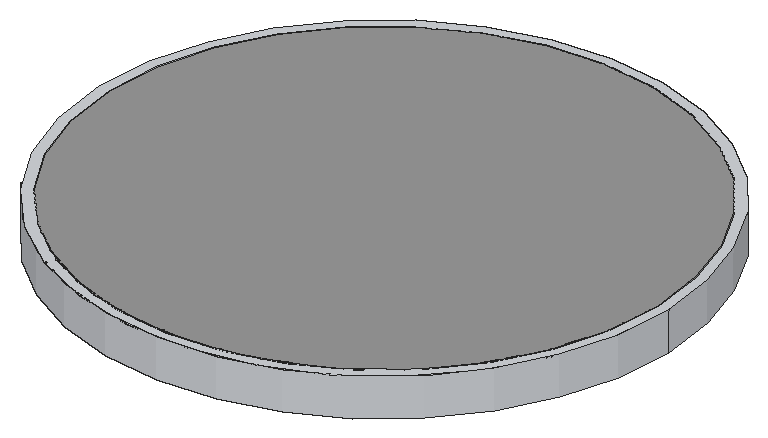
Revit family "2071272", category Lighting Fixtures, host Face, Revit 2018
Family settings
  Host = Face
  Round Connector Dimension = Use Diameter
  Part Type = Normal
  OmniClass Number = 23.80.70.00
  OmniClass Title = Lighting
  Cut with Voids When Loaded = No
  Light Source = Yes
  Shared = No
  Room Calculation Point = No
Parameters (values of type "2071272 COLOSSAL 900 840 PR DIR+H WHT SSC")
  iner diameter = 856 mm
  Weight = "n/a"
  Wattage Comments = ""
  Wattage = 30 W
  WarrantyStartDate [instance] = "n/a"
  WarrantyGuarantorParts = "n/a"
  WarrantyDurationUnit = "n/a"
  WarrantyDurationParts = ""
  WarrantyDescription = "http://www.sylvania-lighting.com"
  built-in parameter 1150110 = 1 (stored number, unit not read)
  Voltage = 230 V
  URL = "0.99"
  TypeName = "COLOSSAL 900mm 840 PRISM DIR+HAL WHITE SSC"
  Type Image = <None>
  Type Comments = "n/a"
  built-in parameter 1114217 = 1 (stored number, unit not read)
  Tilt Angle = -90.00°
  built-in parameter 1150109 = 1 (stored number, unit not read)
  built-in parameter 1150134 = (empty or 0)
  built-in parameter 1150113 = 1 (stored number, unit not read)
  SerialNumber [instance] = "n/a"
  Photometric Web File = "2071272.ies"
  Material_3_SYL = LED-Sylvania
  PowerFactor = 0
  PowerConsumption = "Lighting"
  NominalLength = 888 mm
  NominalHeight = 93 mm
  NominalDepth = 888 mm
  Name = "COLOSSAL 900mm 840 PRISM DIR+HAL WHITE SSC"
  ModelReference = Name  # "COLOSSAL 900mm 840 PRISM DIR+HAL WHITE SSC"
  ModelNumber = "2071272"
  Model = Name  # "COLOSSAL 900mm 840 PRISM DIR+HAL WHITE SSC"
  Material = "Feilo Sylvania"
  ManufacturerName = "141 lm/W"
  Manufacturer = ""
  LuminousEfficacy = ""
  built-in parameter 1150105 = 270.44 (stored number, unit not read)
  Lumens = 3398.4 lm
  LuminaireType = "0"
  built-in parameter 1150115 = 1 (stored number, unit not read)
  LightOutputRatio = "LED"
  built-in parameter 1150137 = (empty or 0)
  built-in parameter 1150139 = (empty or 0)
  LampsType = Lamp  # "n/a"
  LampNominalLuminous = "4000 K"
  LampMacAdamStep = "80"
  LampColourTemperature = "LED"
  LampColourRenderingIndex = "16500"
  built-in parameter 1150112 = 1 (stored number, unit not read)
  built-in parameter 1150114 = 1 (stored number, unit not read)
  Lamp = "n/a"
  Keynote = "n/a"
  InstallationDate [instance] = "n/a"
  InputVoltage = "0"
  InputNominalFrequency = "4000"
  built-in parameter 1150132 = (empty or 0)
  built-in parameter 1150102 = (empty or 0)
  built-in parameter 1150107 = 3000 (stored number, unit not read)
  built-in parameter 1150138 = (empty or 0)
  IngressProtection = "IfcLightFixtureType"
  ImpactProtectionIndex = "IfcLightFixtureType"
  built-in parameter 1150106 = 2.7044 (stored number, unit not read)
  IfcExportType = "IfcLightFixtureType"
  IfcExportAs = "Class I"
  Emit from Circle Diameter = 385 mm
  Emit Shape Visible in Rendering = no
  ElectricShockClassification = "141"
  built-in parameter 1150104 = 10.524 (stored number, unit not read)
  DocumentationLiterature = "http://www.sylvania-lighting.com/product/en-int/products/2071272"
  DimmingControlOptions = "n/a"
  Material_2_SYL = Polycarbonate_Sylvania_White
  Dimming Lamp Color Temperature Shift = <None>
  Description = "900mm diameter circular architectural luminaire, can be surface mounted or suspended. Powder coated aluminium housing (RAL9016) with PMMA prismatic diffuser. Direct/indirect (halo) light distribution, 8285lm luminuous flux, 58.7W system power, 141lm/W luminiaire efficacy. Sylsmart Standalone enabled. Colour rendering index Ra >80, 4000K Neutral White LED, chromaticity tolerance of 3-step MacAdam ellipse. IP40/IP20, IK03. 350mA drive current. UGR≤19. Electrical protection Class1, 220-240V. Reported lifetime 66k hours L90B10."
  Default Elevation = 1219.2 mm
  CreatedOn = "23/03/2022"
  CreatedBy = "@sylvania-lighting.com"
  Cost = 0
  Color Filter = 16777215
  built-in parameter 1114216 [instance] = (empty or 0)
  ClassificationValue = "EF_70_80"
  ClassificationName = "Uniclass2015"
  Material_1_SYL = Polycarbonate_Sylvania_Opal
  BarCode [instance] = "n/a"
  built-in parameter 1114218 = 1 (stored number, unit not read)
  built-in parameter 1150133 = 10 (stored number, unit not read)
  AssetType = "Fixed"
  AssetIdentifier [instance] = "n/a"
  Assembly Code = "D5020200"
  Apparent Load = 58.7 VA
  Material_4_SYL = none
Reference planes
  plane 1 "Center (Front/Back)": y = 0
  plane 2: z = 0
  plane 3 "Center (Left/Right)": x = 0
  plane 4: z = 1.161
  plane 5: z = 16.161
  plane 6: x = -444
  plane 7: x = 444
  plane 8: y = 444
  plane 9: y = -444
  plane 10: y = 236
  plane 11: y = -236
  plane 12: x = 85
  plane 13: x = -85
  plane 14: through (0, 0, 1219.2) normal (0.5, 0.866, 0)
  plane 15: through (42.5, 73.612, 1219.2) normal (0.5, 0.866, 0)
  plane 16: through (-42.5, -73.612, 1219.2) normal (0.5, 0.866, 0)
  plane 17: through (0, 0, 1219.2) normal (0.5, -0.866, 0)
  plane 18: through (-42.5, 73.612, 1219.2) normal (0.5, -0.866, 0)
  plane 19: through (42.5, -73.612, 1219.2) normal (0.5, -0.866, 0)
  plane 20: z = 93
  plane 21: y = 428
  plane 22: y = -428
Forms (mm)
  Extrusion 1, solid, detail levels medium+fine
    sketch origin (0, 0, 0) x (0.866025, -0.5, 0) y (0.5, 0.866025, 0)
      loop
        circle (-50, 86.603) r 22
    from 0 to 2
  Extrusion 2, solid, detail levels medium+fine
    sketch origin (0, 0, 0) x (0.866025, -0.5, 0) y (0.5, 0.866025, 0)
      loop
        circle (100, 0) r 22
      loop
        circle (-50, -86.603) r 22
    from 0 to 2
  Blend 3, solid, detail levels medium+fine
    base sketch origin (0, 0, 0) x (1, 0, 0) y (0, 1, 0)
      loop
        line (-85, 236) -> (-246.882, -44.388) -> (-161.882, -191.612) -> (161.882, -191.612) -> (246.882, -44.388) -> (85, 236) -> (-85, 236)
    top sketch origin (0, 0, 0) x (1, 0, 0) y (0, 1, 0)
      loop
        line (-85, 283.076) -> (-287.651, -67.926) -> (-207.792, -218.119) -> (207.792, -218.119) -> (292.5, -71.401) -> (85, 283.076) -> (-85, 283.076)
    from 0 to 33.022
  Extrusion 4, solid, detail levels medium+fine
    sketch origin (0, 0, 0) x (1, 0, 0) y (0, 1, 0)
      loop
        circle (0, 0) r 444
    from 33.022 to 93
  Extrusion 5, void
    sketch origin (0, 0, 0) x (1, 0, 0) y (0, 1, 0)
      loop
        circle (0, 0) r 428
    from 96.588 to 37.292
  Extrusion 6, solid, material "Glass, White, High Luminance", detail levels fine
    sketch origin (0, 0, 0) x (1, 0, 0) y (0, 1, 0)
      loop
        circle (0, 0) r 428
    from 87.991 to 93
  Extrusion 7, solid, detail levels coarse
    sketch origin (0, 0, 0) x (1, 0, 0) y (0, 1, 0)
      loop
        line (-444, 444) -> (-444, -444) -> (444, -444) -> (444, 444) -> (-444, 444)
    from 0 to 93.648
Cuts and joins
  Extrusion 5 cuts Extrusion 1
  Extrusion 5 cuts Extrusion 2
  Extrusion 5 cuts Blend 3
  Extrusion 5 cuts Extrusion 4
Lines and regions (mm)
  model lines, detail levels medium+fine
    curve 1: circle (0, 0, 0) r 100 normal (0, 0, 1)
Dimensions and locks
  "NominalDepth": plane 8 to plane 9
  plane 8 to plane 1 "Center (Front/Back)" to plane 9 = 444 mm, 444 mm
  "NominalLength": plane 6 to plane 7
  equal spacing: plane 6, plane 3 "Center (Left/Right)", plane 7
  "NominalHeight": level to plane 20
  "iner diameter": plane 21 to plane 22
  equal spacing: plane 21, plane 1 "Center (Front/Back)", plane 22
  aligned and locked: plane 2 to host face
  aligned and locked: level to host face
Automatic sketch dimensions
  host sketch curve to host sketch curve = 2438.4 mm  (x2)
  Extrusion 1 sketch curve to plane 3 "Center (Left/Right)" = 0 mm
  Extrusion 1 sketch curve to plane 1 "Center (Front/Back)" = 100 mm
  plane 1 "Center (Front/Back)" to Extrusion 2 sketch curve = 50 mm
  Extrusion 2 sketch curve to plane 3 "Center (Left/Right)" = 86.603 mm
  Extrusion 2 sketch curve to Extrusion 2 sketch curve = 150 mm
  Extrusion 2 sketch curve to Extrusion 2 sketch curve = 86.603 mm
  plane 1 "Center (Front/Back)" to curve 1 = 0 mm
  curve 1 to plane 3 "Center (Left/Right)" = 0 mm
  plane 18 to Blend 3 sketch curve = 0 mm  (x2)
  plane 19 to Blend 3 sketch curve = 0 mm  (x2)
  Blend 3 sketch curve to plane 10 = 0 mm
  Blend 3 sketch curve to plane 13 = 0 mm  (x2)
  Blend 3 sketch curve to plane 12 = 0 mm  (x2)
  Blend 3 sketch curve to plane 16 = 0 mm  (x2)
  Blend 3 sketch curve to plane 15 = 0 mm
  plane 11 to Blend 3 sketch curve = 44.388 mm
  plane 1 "Center (Front/Back)" to Blend 3 sketch curve = 44.388 mm  (x2)
  plane 11 to Blend 3 sketch curve = 17.881 mm
  plane 1 "Center (Front/Back)" to Blend 3 sketch curve = 67.926 mm
  plane 1 "Center (Front/Back)" to Blend 3 sketch curve = 71.401 mm
  Blend 3 sketch curve to plane 7 = 151.5 mm
  plane 10 to Blend 3 sketch curve = 47.076 mm
  plane 1 "Center (Front/Back)" to Extrusion 4 sketch curve = 0 mm
  Extrusion 4 sketch curve to plane 3 "Center (Left/Right)" = 0 mm
  plane 1 "Center (Front/Back)" to Extrusion 5 sketch curve = 0 mm
  Extrusion 5 sketch curve to plane 3 "Center (Left/Right)" = 0 mm
  plane 1 "Center (Front/Back)" to Extrusion 6 sketch curve = 0 mm
  Extrusion 6 sketch curve to plane 3 "Center (Left/Right)" = 0 mm
  Extrusion 7 sketch curve to plane 6 = 0 mm
  Extrusion 7 sketch curve to plane 7 = 0 mm
  Extrusion 7 sketch curve to plane 9 = 0 mm
  Extrusion 7 sketch curve to plane 8 = 0 mm
  radius of Extrusion 1 sketch curve = 22 mm
  radius of Extrusion 2 sketch curve = 22 mm  (x2)
  radius of curve 1 = 100 mm
  radius of Extrusion 4 sketch curve = 444 mm
  radius of Extrusion 5 sketch curve = 428 mm
  radius of Extrusion 6 sketch curve = 428 mm
Connectors
  electrical at (0, 0, 0), driven by "Apparent Load", driven by "PowerFactor", driven by "Voltage"
    settings: index 1, voltage 230 V, apparent load 58.7 VA, apparent load phase1 0 VA, apparent load phase2 0 VA, apparent load phase3 0 VA, power factor 0, load classification "Lighting", number of poles 1, system type 30, power factor state 1, is connector primary yes, connector utility no, sub classification motor no, connector description ""
